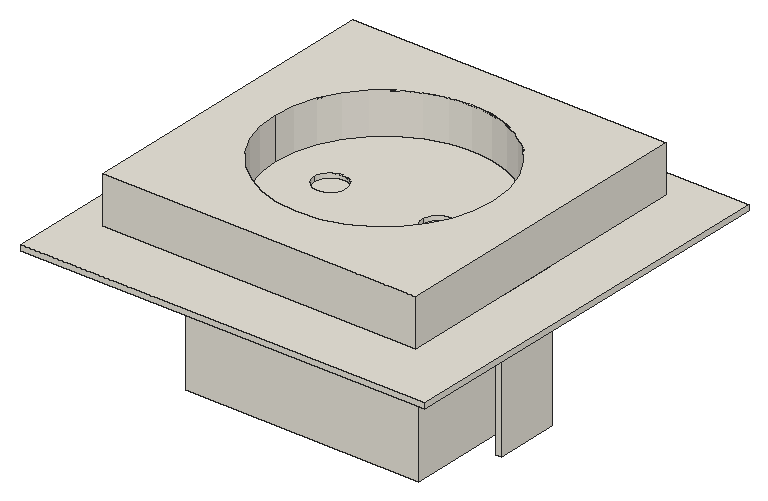
Revit family "Gira_045701", category Electrical Fixtures, host Face, Revit 2017
Family settings
  Host = Face
  Maintain Annotation Orientation = Yes
  Round Connector Dimension = Use Diameter
  Part Type = Normal
  Cut with Voids When Loaded = No
  Shared = No
  Room Calculation Point = No
Parameters (values of type "SCHUKO in.sp. System 55 cr.white")
  URL = "http://katalog.gira.de/en/datenblatt.html?artikelnr=045701"
  Transparent = "No"
  Name = "SCHUKO in.sp. System 55 cr.white"
  Model = "Protective contact (SCHUKO)"
  Manufacturer URL = "https://www.gira.de/"
  Manufacturer = "Gira"
  HeinzeBIM = "https://bimportal.heinze.de/bim/schuko-in-sp-system-55-cr-white/545d6449bb7a3a52178a3a327e90021de61f1991"
  HAN = "045701"
  GTIN = "4010337457015"
  Description = "SCHUKO in.sp. Sys55 CW,SCHUKO socket outlet 16 A 250 V~ with inscription space,,cream white glossy,"
  Default Elevation = 1219.2 mm
  Data sheet (1) = "https://katalog.gira.de/en/download.html?artikelnr=045701"
  Cremeweiß glänzend = Cremeweiß glänzend
  Category = "Socket outlet"
  BIM (1) = "https://media.stage.bim.site/public/gira/36a6b08/SYS55_Steckdose.rfa"
  Available = "No"
Reference planes
  plane 1 "Center (Front/Back)": y = 0
  plane 2 "Reference Level 0": z = 0
  plane 3 "Center (Left/Right)": x = 0
  plane 4: x = 9.5
  plane 5: x = -9.5
  plane 6: x = 9.5
  plane 7: x = -9.5
  plane 8: x = 9.5
  plane 9: x = -9.5
  plane 10: x = 17.5
  plane 11 "Reference Level 1": z = 8.2
Forms (mm)
  Extrusion 1, solid, material "Cremeweiß glänzend" <- "Cremeweiß glänzend", detail levels coarse
    sketch origin (0, 0, 0) x (1, 0, 0) y (0, 1, 0)
      loop
        line (-35.5, 35.5) -> (-35.5, -35.5) -> (35.5, -35.5) -> (35.5, 35.5) -> (-35.5, 35.5)
    from -27.5 to 8.2
  Extrusion 2, solid, material "Cremeweiß glänzend" <- "Cremeweiß glänzend", detail levels medium+fine
    sketch origin (0, 0, 0) x (1, 0, 0) y (0, 1, 0)
      loop
        line (-35.5, 35.5) -> (-35.5, -35.5) -> (35.5, -35.5) -> (35.5, 35.5) -> (-35.5, 35.5)
    from -2.2 to -3.2
  Extrusion 3, solid, material "Cremeweiß glänzend" <- "Cremeweiß glänzend", detail levels medium+fine
    sketch origin (0, 0, 0) x (1, 0, 0) y (0, 1, 0)
      loop
        line (-27.5, 27.5) -> (-27.5, -27.5) -> (27.5, -27.5) -> (27.5, 27.5) -> (-27.5, 27.5)
      loop
        circle (0, 0) r 19.2
    from 0 to 8.2
  Extrusion 4, solid, material "Cremeweiß glänzend" <- "Cremeweiß glänzend", detail levels fine
    sketch origin (0, 0, 0) x (1, 0, 0) y (0, 1, 0)
      loop
        circle (0, 0) r 19.2
      loop
        circle (9.5, 0) r 2.8
      loop
        circle (-9.5, 0) r 2.8
    from 0 to 1
  Extrusion 5, solid, material "Cremeweiß glänzend" <- "Cremeweiß glänzend", detail levels fine
    sketch origin (0, 0, 0) x (1, 0, 0) y (0, 1, 0)
      loop
        circle (-9.5, 0) r 2.8
      loop
        circle (9.5, 0) r 2.8
    from -2.2 to 0.3
  Extrusion 6, solid, material "Cremeweiß glänzend" <- "Cremeweiß glänzend", detail levels medium
    sketch origin (0, 0, 0) x (1, 0, 0) y (0, 1, 0)
      loop
        circle (0, 0) r 19.2
      loop
        circle (9.5, 0) r 2.8
      loop
        circle (-9.5, 0) r 2.8
    from 7.2 to 8.2
  Extrusion 7, solid, material "Cremeweiß glänzend" <- "Cremeweiß glänzend", detail levels medium
    sketch origin (0, 0, 0) x (1, 0, 0) y (0, 1, 0)
      loop
        circle (-9.5, 0) r 2.8
      loop
        circle (9.5, 0) r 2.8
    from 7.2 to 8.2
  Extrusion 8, solid, material "Cremeweiß glänzend" <- "Cremeweiß glänzend", detail levels medium+fine
    sketch origin (0, 0, 0) x (1, 0, 0) y (0, 1, 0)
      loop
        line (-20.5, 9) -> (-20.5, -18) -> (20.5, -18) -> (20.5, 9) -> (17.5, 9) -> (3, 21) -> (3, 24) -> (-3, 24) -> (-3, 21) -> (-17.5, 9) -> (-20.5, 9)
    from 0 to -27.5
  Extrusion 9, solid, material "Cremeweiß glänzend" <- "Cremeweiß glänzend", detail levels medium+fine
    sketch origin (0, 0, 0) x (1, 0, 0) y (0, 1, 0)
      loop
        line (-25, 5.5) -> (-25, -5.5) -> (-24, -5.5) -> (-24, 5.5) -> (-25, 5.5)
    from 0 to -27.5
  Extrusion 10, solid, material "Cremeweiß glänzend" <- "Cremeweiß glänzend", detail levels medium+fine
    sketch origin (0, 0, 0) x (-1, 0, 0) y (0, -1, 0)
      loop
        line (-25, 5.5) -> (-25, -5.5) -> (-24, -5.5) -> (-24, 5.5) -> (-25, 5.5)
    from 0 to -27.5
Dimensions and locks
  aligned and locked: plane 2 "Reference Level 0" to host face
  aligned and locked: level to host face
  aligned and locked: plane 3 "Center (Left/Right)" to nested 1
  aligned and locked: plane 1 "Center (Front/Back)" to nested 1
Nested families
  nested 1: "Steckdose 1-fach Beschriftung" at (0, 0, 0), type "Steckdose 1-fach Beschriftung"
Connectors
  electrical at (0, 9, -27.5)
    settings: on Extrusion 8, index 1, voltage 220 V, apparent load 0 VA, apparent load phase1 0 VA, apparent load phase2 0 VA, apparent load phase3 0 VA, power factor 1, load classification "Other", number of poles 1, system type 31, power factor state 1, is connector primary yes, connector utility no, sub classification motor no, connector description ""
Definition of nested family "Steckdose 1-fach Beschriftung"
  Reference planes
    plane 1: y = 0
    plane 2: x = 0
  Lines and regions (mm)
    detail lines
      curve 1: line (0, 0, 0) -> (0, 2, 0)
      curve 3: line (0, 2, 0) -> (-1, 2, 0)
      curve 4: arc (1, 3, 0) -> (0, 2, 0) -> (-1, 3, 0) r 1
      curve 5: line (0, 2, 0) -> (1, 2, 0)
    reference lines
      curve 2: line (-0.485, 3, 0) -> (2.315, 3, 0)
  Dimensions and locks
    curve 1 to curve 1 = 2 mm
    plane 1 to curve 2 = 3 mm
    curve 3 to curve 3 = 1 mm
